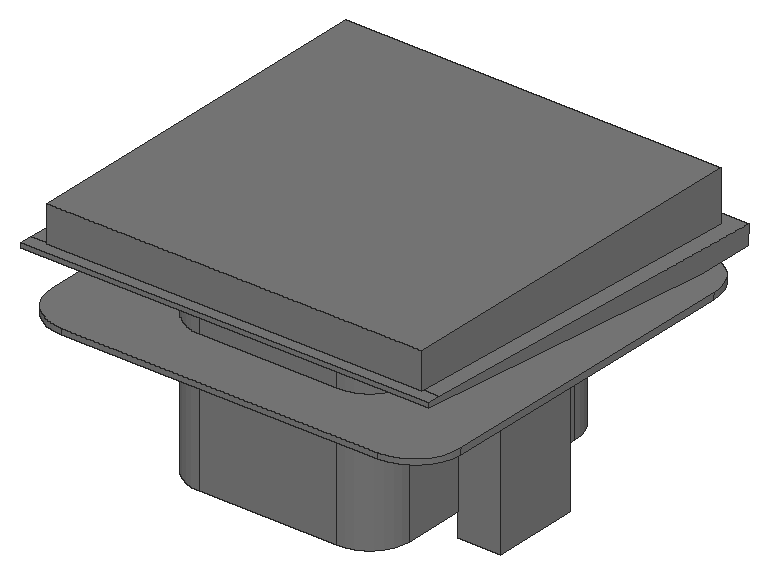
Revit family "Gira_012666", category Electrical Fixtures, host Face, Revit 2017
Family settings
  Host = Face
  Maintain Annotation Orientation = Yes
  Round Connector Dimension = Use Diameter
  Part Type = Normal
  Cut with Voids When Loaded = No
  Shared = No
  Room Calculation Point = No
Parameters (values of type "Tastschalter AusWe Gira TX_44 (WG UP) Reinweiß")
  Zusammenstellung = "Basiselement mit zentraler Abdeckplatte"
  Werkstoffgüte = "Thermoplast"
  Werkstoff = "sonstige"
  Waschmaschinenschalter = "No"
  URL = "http://katalog.gira.de/de_DE/datenblatt.html?artikelnr=012666"
  Textfeld/Beschriftungsfläche = "nein"
  Tastschalter = "Yes"
  Schaltungsart = "Wechselschalter"
  Rückmeldekontakt = "No"
  Region = "DE"
  Oberfläche = "sonstige"
  Nennspannung = "250 Volt"
  Name = "Tastschalter AusWe Gira TX_44 (WG UP) Reinweiß"
  Montageart = "unter Putz"
  Mit Montageplatte = "No"
  Manufacturer URL = "https://www.gira.de/"
  Keynote = "TX44_Komplettgerät_Schalten und Tasten"
  HeinzeBIM = "https://bimportal.heinze.de/bim/tastschalter-auswe-gira-tx-44-wg-up-reinweiss/87e148f87b9652e7c44a867898ee85d702d4fd30"
  Halogenfrei = "Yes"
  HAN = "012666"
  Geeignet für Schutzart (IP) = "IP44"
  GTIN = "4010337126669"
  Farbe = "weiß"
  Default Elevation = 1219.2 mm
  Data sheet (1) = "https://katalog.gira.de/de_DE/download.html?artikelnr=012666"
  Category = "Installationsschalter"
  Bemessungsstrom = "10 Ampere"
  Beleuchtung = "nein"
  Befestigungsart = "Krallen-/Schraubbefestigung"
  Bedienungsart = "Wippe/Taste"
  Available = "Yes"
  Anzahl der Module (bei Modulbauweise) = "1 "
  Anzahl der Betätigungswippen = "1 "
  Anschlussart = "Steckklemme"
Reference planes
  plane 1 "Center (Front/Back)": y = 0
  plane 2 "Reference Level 0": z = 0
  plane 3 "Center (Left/Right)": x = 0
  plane 4: z = -28.6
Forms (mm)
  Extrusion 1, solid, material "Default", detail levels fine
    sketch origin (0, 0, 0) x (1, 0, 0) y (0, 1, 0)
      loop
        line (-32.604, 32.5) -> (-32.604, -32.5) -> (32.735, -32.5) -> (32.735, 32.5) -> (-32.604, 32.5)
    from 0 to 12.3
  Extrusion 2, solid, material "Default", detail levels fine
    sketch origin (0, 0, 0) x (0, 1, 0) y (0, 0, 1)
      loop
        line (35, 3.483) -> (-32.2, 6) -> (-34.55, 6) -> (-34.536, 5.199) -> (24.886, 0) -> (34.939, 0) -> (35, 3.483)
    from -35.5 to 35.5
  Extrusion 3, void
    sketch origin (0, 0, 0) x (0, 1, 0) y (0, 0, 1)
      loop
        line (42.419, 3.205) -> (-32.2, 6) -> (-42.193, 6) -> (-42.193, -11.826) -> (42.419, -11.826) -> (42.419, 3.205)
    from -64.194 to 61.264
  Extrusion 4, solid, material "Default", detail levels fine
    sketch origin (0, 0, 0) x (1, 0, 0) y (0, 1, 0)
      loop
        arc (35.5, 27.5) -> (33.157, 33.157) -> (27.5, 35.5) r 8
        line (27.5, 35.5) -> (-27.5, 35.5)
        arc (-27.5, 35.5) -> (-33.157, 33.157) -> (-35.5, 27.5) r 8
        line (-35.5, 27.5) -> (-35.5, -27.5)
        arc (-35.5, -27.5) -> (-33.157, -33.157) -> (-27.5, -35.5) r 8
        line (-27.5, -35.5) -> (27.5, -35.5)
        arc (27.5, -35.5) -> (33.157, -33.157) -> (35.5, -27.5) r 8
        line (35.5, -27.5) -> (35.5, 27.5)
    from -4.1 to -5.1
  Extrusion 5, solid, material "Default", detail levels fine
    sketch origin (0, 0, 0) x (1, 0, 0) y (0, 1, 0)
      loop
        arc (-12, 25) -> (-16.95, 22.95) -> (-19, 18) r 7
        line (-19, 18) -> (-19, -18)
        arc (-19, -18) -> (-16.95, -22.95) -> (-12, -25) r 7
        line (-12, -25) -> (12, -25)
        arc (12, -25) -> (16.95, -22.95) -> (19, -18) r 7
        line (19, -18) -> (19, 18)
        arc (19, 18) -> (16.95, 22.95) -> (12, 25) r 7
        line (12, 25) -> (-12, 25)
    from 4.692 to -28.6
  Extrusion 6, solid, material "Default", detail levels fine
    sketch origin (0, 0, 0) x (1, 0, 0) y (0, 1, 0)
      loop
        line (-26.5, -7.5) -> (-19, -7.5) -> (-19, 7.5) -> (-26.5, 7.5) -> (-26.5, -7.5)
    from -5.1 to -32.6
  Extrusion 7, solid, material "Default", detail levels fine
    sketch origin (0, 0, 0) x (-1, 0, 0) y (0, -1, 0)
      loop
        line (-26.5, 7.5) -> (-26.5, -7.5) -> (-19, -7.5) -> (-19, 7.5) -> (-26.5, 7.5)
    from -5.1 to -32.6
  Extrusion 8, solid, material "Default", detail levels medium
    sketch origin (0, 0, 0) x (1, 0, 0) y (0, 1, 0)
      loop
        line (-32.604, 32.5) -> (-32.604, -32.5) -> (32.735, -32.5) -> (32.735, 32.5) -> (-32.604, 32.5)
    from 0 to 12.3
  Extrusion 9, solid, material "Default", detail levels medium
    sketch origin (0, 0, 0) x (0, 1, 0) y (0, 0, 1)
      loop
        line (35, 3.483) -> (-32.2, 6) -> (-34.55, 6) -> (-34.445, 0) -> (34.939, 0) -> (35, 3.483)
    from -35.5 to 35.5
  Extrusion 10, solid, material "Default", detail levels medium
    sketch origin (0, 0, 0) x (1, 0, 0) y (0, 1, 0)
      loop
        line (-26.5, 25) -> (-26.5, -25) -> (26.5, -25) -> (26.5, 25) -> (-26.5, 25)
    from 4.692 to -32.6
  Extrusion 11, solid, material "Default", detail levels medium
    sketch origin (0, 0, 0) x (1, 0, 0) y (0, 1, 0)
      loop
        line (35.5, 35.5) -> (-35.5, 35.5) -> (-35.5, -35.5) -> (35.5, -35.5) -> (35.5, 35.5)
    from -4.1 to -5.1
  Extrusion 12, solid, material "Default", detail levels coarse
    sketch origin (0, 0, 0) x (1, 0, 0) y (0, 1, 0)
      loop
        line (35.5, 35.5) -> (-35.5, 35.5) -> (-35.5, -35.5) -> (35.5, -35.5) -> (35.5, 35.5)
    from -32.6 to 12.3
Cuts and joins
  Extrusion 3 cuts Extrusion 1
  joined: Extrusion 1, Extrusion 2, Extrusion 4, Extrusion 5, Extrusion 6, Extrusion 7
Dimensions and locks
  Extrusion 12 to Extrusion 12 = 44.9 mm
  aligned and locked: plane 2 "Reference Level 0" to host face
  aligned and locked: level to host face
  aligned and locked: plane 3 "Center (Left/Right)" to nested 1
  aligned and locked: plane 1 "Center (Front/Back)" to nested 1
Nested families
  nested 1: "Schalter" at (0, 0, 0), type "Schalter"
Connectors
  electrical at (0, 0, -32.6)
    settings: on Extrusion 12, index 1, voltage 220 V, apparent load 0 VA, apparent load phase1 0 VA, apparent load phase2 0 VA, apparent load phase3 0 VA, power factor 1, load classification "Other", number of poles 1, system type 30, power factor state 1, is connector primary yes, connector utility no, sub classification motor no, connector description ""
Definition of nested family "Schalter"
  Reference planes
    plane 1: y = 0
    plane 2: x = 0
  Lines and regions (mm)
    detail lines
      curve 1: circle (1.375, 2.778, 0) r 0.8 normal (0, 0, 1)
      curve 2: line (1.021, 2.061, 0) -> (0, 0, 0)
      curve 3: line (0, 0, 0) -> (-0.538, 0.266, 0)
  Dimensions and locks
    curve 2 to curve 2 = 2.3 mm
    curve 3 to curve 2 = 0.6 mm
    radius of curve 1 = 0.8 mm
